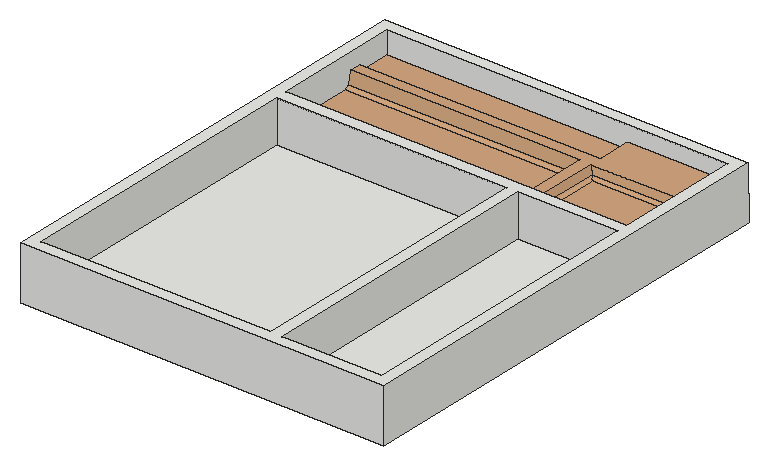
Revit family "Accessories-Teknion-CADA_Drawer_Accessory_Tray-R2021", category Furniture, Revit 2021
Family settings
  OmniClass Number = 23.40.20.00
  OmniClass Title = General Furniture and Specialties
  Work Plane-Based = No
  Always vertical = Yes
  Cut with Voids When Loaded = No
  Shared = Yes
  Room Calculation Point = No
Parameters (values of type "Cork Divider Insert")
  Warranty = "http://www.teknion.com/ca/papers/legal-canada"
  Unit Weight URL = "http://www.teknion.com/ca/tools/assets#&asset=bee6a381-b954-425e-8283-5a2de3a804f2,f828d448-4b62-4231-9e5f-9a8991c0ed77"
  URL = "www.teknion.com"
  Tray Finish [instance] = Seamless Paint - Teknion - ZI - Very White
  To render please download texture images found here [instance] = "https://assets.teknion.com/web/5e81352c1dfdb467/revit-material-swatches/"
  Sustainability Data = "https://www.teknion.com/ca/tools/assets#&topic=216f99a5-57a0-44fc-b10a-9dee9b29ae4c&asset=444deb64-fe58-4b68-981e-f75e97781df7,b4ff2d81-9f2e-437d-9659-7cffb09c31cf"
  Series = ""
  Product Page URL = "https://www.teknion.com/ca/products/product-details?productLineId=2302c16f-8e7a-673b-a6c8-ff05004460c4"
  Product Line = "Chronicle "  # constant formula
  Product Documentation Link = "https://www.teknion.com/pricing/chronicle/pdfs/Accessories_Electrical_ppg.pdf"
  Part Number = "CADA"  # constant formula
  Model = "CADAC"
  Manufacturer Phone = "416-661-3370"  # constant formula
  Manufacturer Fax = "416.661.4586"  # constant formula
  Manufacturer Contact Information = "http://www.teknion.com/ca/contactus"
  Manufacturer Address = "1150 Flint Road, Toronto, ON. M3J 2J5. Canada"  # constant formula
  Manufacturer = "Teknion"  # constant formula
  How To Use Teknion Materials User Guide [instance] = "https://assets.teknion.com/m/205dd0a49fa58060/original/How-to-add-a-Material-Library-and-Texture-Images-to-your-Revit-project.pdf"
  For Additional Finishes please visit [instance] = "https://assets.teknion.com/m/44a8009b046e5d47/original/Teknion_Materials_Library.zip"
  Description = "Drawer Accessory Tray, Cork Divider Insert"
  Default Elevation = 0.000"
  Cork = yes
  Assembly Code = "E2020200"
Types (3): name | Tray Finish | Model | Description | Cork
  (no name) | Seamless Paint - Teknion - ZI - Very White | "CADAC" | "Drawer Accessory Tray, Cork Divider Insert" | yes
  Standard, No Cork Insert | Seamless Paint - Teknion - 25 - Crisp Grey | "CADAS" | "Drawer Accessory Tray, Standard, No Cork Insert" | no
  Cork Divider Insert | Seamless Paint - Teknion - ZI - Very White | "CADAC" | "Drawer Accessory Tray, Cork Divider Insert" | yes
Reference planes (in)
  plane 1 "Center Front/Back": y = -150
  plane 2: z = 0
  plane 3 "Center Left/Right": x = 150
  plane 4 "Left": x = 144.05906
  plane 5 "Right": x = 155.94094
  plane 6 "Back": y = -142.55906
  plane 7 "Front": y = -157.44094
  plane 8 "Top": z = 1.75
Forms (in)
  Sweep 1, solid, material "Seamless Paint - Teknion - ZI - Very White" <- "Tray Finish"
    path origin (0, -150, 0) x (1, 0, 0) y (0, 0, 1)
      loop
        line (150, 0) -> (150, 1.75)
    profile origin (150, -150, 0.875) x (-1, 0, 0) y (0, -1, 0)
      loop
        line (5.94094, -7.44094) -> (5.94094, 7.44094) -> (-5.94094, 7.44094) -> (-5.94094, -7.44094) -> (5.94094, -7.44094)
  Sweep 2, void
    path origin (0, -150, 0) x (1, 0, 0) y (0, 0, 1)
      loop
        line (150, 0.375) -> (150, 1.75)
    profile origin (150, -150, 1.0625) x (-1, 0, 0) y (0, -1, 0)
      loop
        line (5.56594, 7.06594) -> (-1.93799, 7.06594) -> (-1.93799, -2.56428) -> (5.56594, -2.56428) -> (5.56594, 7.06594)
      loop
        line (-2.31299, 7.06594) -> (-5.56594, 7.06594) -> (-5.56594, -2.56428) -> (-2.31299, -2.56428) -> (-2.31299, 7.06594)
      loop
        line (5.56594, -2.93928) -> (-5.56594, -2.93928) -> (-5.56594, -7.06594) -> (5.56594, -7.06594) -> (5.56594, -2.93928)
  Sweep 3, solid, material "Wood - Teknion - Cork", visible <- "Cork"
    path origin (0, 0, 0) x (1, 0, 0) y (0, 1, 0)
      loop
        line (144.46406, -142.96406) -> (155.53594, -142.96406)
    profile origin (150, -142.96406, 0) x (0, 1, 0) y (0, 0, 1)
      loop
        line (0, 1.25) -> (-4.06667, 1.25) -> (-4.06667, 0.375) -> (0, 0.375) -> (0, 1.25)
  Sweep 4, void
    path origin (0, 0, 0) x (1, 0, 0) y (0, 1, 0)
      loop
        line (151.72254, -147.03072) -> (151.72254, -144.65859) -> (144.46406, -144.65859)
    profile origin (151.72254, -145.84465, 0) x (-1, 0, 0) y (0, 0, 1)
      loop
        arc (-0.12129, 0.87232) -> (-0.07696, 0.80406) -> (0, 0.77756) r 0.125
        line (0, 0.77756) -> (0, 1.25) -> (-0.21545, 1.25) -> (-0.12129, 0.87232)
  Sweep 5, void
    path origin (0, -150, 0) x (1, 0, 0) y (0, 0, 1)
      loop
        line (150, 0.77756) -> (150, 1.25)
    profile origin (150, -150, 1.01378) x (-1, 0, 0) y (0, -1, 0)
      loop
        line (-1.72254, -5.34141) -> (5.53602, -5.34141) -> (5.53602, -2.96919) -> (-1.72254, -2.96919) -> (-1.72254, -5.34141)
  Sweep 6, void
    path origin (0, 0, 0) x (1, 0, 0) y (0, 1, 0)
      loop
        line (155.53594, -144.64074) -> (152.5118, -144.64194) -> (152.5106, -147.03072)
    profile origin (152.5112, -145.83633, 0) x (1, -0.0005, 0) y (0, 0, 1)
      loop
        line (-0.19821, 1.25) -> (-0.11872, 1.01916)
        arc (-0.11872, 1.01916) -> (-0.0729, 0.95799) -> (0, 0.93504) r 0.12473
        line (0, 0.93504) -> (0, 1.25) -> (-0.19821, 1.25)
  Sweep 7, void
    path origin (0, -150, 0) x (1, 0, 0) y (0, 0, 1)
      loop
        line (153.15244, 0.93504) -> (153.15244, 1.25)
    profile origin (153.15244, -150, 1.09252) x (-1, 0, 0) y (0, -1, 0)
      loop
        line (0.64064, -5.35806) -> (0.64183, -2.96928) -> (-2.38351, -2.96928) -> (-2.38351, -5.35926) -> (0.64064, -5.35806)
  Sweep 8, void
    path origin (0, 0, 0) x (1, 0, 0) y (0, 1, 0)
      loop
        line (144.46406, -143.88231) -> (152.12717, -143.88231) -> (152.12717, -142.96406)
    profile origin (148.29561, -143.88231, 0) x (0, 1, 0) y (0, 0, 1)
      loop
        line (-0.18582, 1.25) -> (-0.10825, 1.11565)
        arc (-0.10825, 1.11565) -> (-0.05628, 1.06629) -> (0.01418, 1.05315) r 0.12634
        line (0.01418, 1.05315) -> (0.01418, 1.25) -> (-0.18582, 1.25)
  Sweep 9, void
    path origin (0, 0, 0) x (1, 0, 0) y (0, 1, 0)
      loop
        line (152.11299, -143.86813) -> (144.36299, -143.86813)
    profile origin (148.23799, -143.86813, 0) x (0, -1, 0) y (0, 0, 1)
      loop
        line (0, 1.25) -> (-0.90408, 1.25) -> (-0.90408, 1.05315) -> (0, 1.05315) -> (0, 1.25)
Cuts and joins
  Sweep 2 cuts Sweep 1
  Sweep 4, Sweep 5, Sweep 6, Sweep 7, Sweep 8, Sweep 9 cuts Sweep 3
Lines and regions (in)
  Masking region 1
    outline origin (0, 0, 0) x (1, 0, 0) y (0, 1, 0)
      loop
        line (144.05906, -142.55906) -> (144.05906, -157.44094) -> (155.94094, -157.44094) -> (155.94094, -142.55906) -> (144.05906, -142.55906)
  symbolic lines
    curve 1: line (155.56594, -142.93406, 0) -> (144.43406, -142.93406, 0)
    curve 2: line (155.56594, -147.06072, 0) -> (155.56594, -142.93406, 0)
    curve 3: line (144.43406, -147.06072, 0) -> (155.56594, -147.06072, 0)
    curve 4: line (144.43406, -142.93406, 0) -> (144.43406, -147.06072, 0)
    curve 5: line (151.93799, -147.43572, 0) -> (151.93799, -157.06594, 0)
    curve 6: line (151.93799, -157.06594, 0) -> (144.43406, -157.06594, 0)
    curve 7: line (144.43406, -157.06594, 0) -> (144.43406, -147.43572, 0)
    curve 8: line (144.43406, -147.43572, 0) -> (151.93799, -147.43572, 0)
    curve 9: line (152.31299, -157.06594, 0) -> (152.31299, -147.43572, 0)
    curve 10: line (152.31299, -147.43572, 0) -> (155.56594, -147.43572, 0)
    curve 11: line (155.56594, -147.43572, 0) -> (155.56594, -157.06594, 0)
    curve 12: line (155.56594, -157.06594, 0) -> (152.31299, -157.06594, 0)
  symbolic lines, visible <- "Cork"
    curve 13: line (155.53594, -142.96406, 0) -> (144.46406, -142.96406, 0)
    curve 14: line (144.46406, -147.03072, 0) -> (144.46406, -142.96406, 0)
    curve 15: line (144.46406, -147.03072, 0) -> (155.53594, -147.03072, 0)
    curve 16: line (155.53594, -147.03072, 0) -> (155.53594, -142.96406, 0)
    curve 17: line (152.11299, -143.86813, 0) -> (144.46406, -143.86813, 0)
    curve 18: line (152.11299, -142.96406, 0) -> (152.11299, -143.86813, 0)
    curve 19: line (152.31299, -142.96406, 0) -> (152.31299, -144.06813, 0)
    curve 20: line (152.31299, -144.06813, 0) -> (144.46406, -144.06813, 0)
    curve 21: line (152.11299, -143.86813, 0) -> (152.31299, -144.06813, 0)
    curve 22: line (144.46406, -144.44313, 0) -> (151.93799, -144.44313, 0)
    curve 23: line (151.93799, -144.44313, 0) -> (151.93799, -147.03072, 0)
    curve 24: line (152.31239, -147.03072, 0) -> (152.31369, -144.44381, 0)
    curve 25: line (152.50903, -147.03072, 0) -> (152.51022, -144.64036, 0)
    curve 26: line (152.51022, -144.64036, 0) -> (155.53594, -144.63917, 0)
    curve 27: line (152.31369, -144.44381, 0) -> (155.53594, -144.44253, 0)
    curve 28: line (152.31369, -144.44381, 0) -> (152.51022, -144.64036, 0)
    curve 29: line (151.72262, -144.6585, 0) -> (151.93799, -144.44313, 0)
    curve 30: line (151.72262, -144.6585, 0) -> (151.72262, -147.03072, 0)
    curve 31: line (151.72262, -144.6585, 0) -> (144.46406, -144.6585, 0)
  reference lines
    curve 32: line (144.05906, -142.55906, 0) -> (155.94094, -142.55906, 0)
    curve 33: line (155.94094, -142.55906, 0) -> (155.94094, -157.44094, 0)
    curve 34: line (144.05906, -157.44094, 0) -> (155.94094, -157.44094, 0)
    curve 35: line (144.05906, -142.55906, 0) -> (144.05906, -157.44094, 0)
Dimensions and locks (in)
  plane 4 "Left" to plane 5 "Right" = 11.88189"
  plane 6 "Back" to plane 7 "Front" = 14.88189"
  plane 8 "Top" to level = 1.750"
  equal spacing: plane 6 "Back", plane 1 "Center Front/Back", plane 7 "Front"
  equal spacing: plane 4 "Left", plane 3 "Center Left/Right", plane 5 "Right"
  Sweep 2 sketch curve to Sweep 2 sketch curve to Sweep 2 sketch curve to Sweep 2 sketch curve = 4.12667" locked, 0.375" locked, 9.63022"
  Sweep 2 sketch curve to Sweep 2 sketch curve to Sweep 2 sketch curve to Sweep 2 sketch curve = 7.50394", 0.375" locked, 3.25295" locked
  locked: Sweep 3 sketch curve to Sweep 3 sketch curve at 4.06667
  locked: Sweep 3 sketch curve to Sweep 3 sketch curve at 0.875
  aligned and locked: level to plane 2
  aligned and locked: Sweep 2 sketch curve to Sweep 2 sketch curve  (x4)
  aligned and locked: Masking region 1 sketch curve to plane 5 "Right"
  aligned and locked: Masking region 1 sketch curve to plane 7 "Front"
  aligned and locked: Masking region 1 sketch curve to plane 6 "Back"
  aligned and locked: Masking region 1 sketch curve to plane 4 "Left"
  aligned and locked: curve 1 to cut or joined group of Sweep 1, Sweep 2
  aligned and locked: curve 2 to cut or joined group of Sweep 1, Sweep 2
  aligned and locked: curve 3 to cut or joined group of Sweep 1, Sweep 2
  aligned and locked: curve 4 to cut or joined group of Sweep 1, Sweep 2
  aligned and locked: curve 5 to cut or joined group of Sweep 1, Sweep 2
  aligned and locked: curve 6 to cut or joined group of Sweep 1, Sweep 2
  aligned and locked: curve 7 to cut or joined group of Sweep 1, Sweep 2
  aligned and locked: curve 8 to cut or joined group of Sweep 1, Sweep 2
  aligned and locked: curve 9 to cut or joined group of Sweep 1, Sweep 2
  aligned and locked: curve 10 to cut or joined group of Sweep 1, Sweep 2
  aligned and locked: curve 11 to cut or joined group of Sweep 1, Sweep 2
  aligned and locked: curve 12 to cut or joined group of Sweep 1, Sweep 2
  aligned and locked: curve 13 to cut or joined group of Sweep 3, Sweep 4, Sweep 5, Sweep 6, Sweep 7, Sweep 8, Sweep 9
  aligned and locked: curve 14 to cut or joined group of Sweep 3, Sweep 4, Sweep 5, Sweep 6, Sweep 7, Sweep 8, Sweep 9
  aligned and locked: curve 15 to cut or joined group of Sweep 3, Sweep 4, Sweep 5, Sweep 6, Sweep 7, Sweep 8, Sweep 9
  aligned and locked: curve 16 to cut or joined group of Sweep 3, Sweep 4, Sweep 5, Sweep 6, Sweep 7, Sweep 8, Sweep 9
  aligned and locked: curve 17 to cut or joined group of Sweep 3, Sweep 4, Sweep 5, Sweep 6, Sweep 7, Sweep 8, Sweep 9
  aligned and locked: curve 18 to cut or joined group of Sweep 3, Sweep 4, Sweep 5, Sweep 6, Sweep 7, Sweep 8, Sweep 9
  aligned and locked: curve 19 to cut or joined group of Sweep 3, Sweep 4, Sweep 5, Sweep 6, Sweep 7, Sweep 8, Sweep 9
  aligned and locked: curve 20 to cut or joined group of Sweep 3, Sweep 4, Sweep 5, Sweep 6, Sweep 7, Sweep 8, Sweep 9
  aligned and locked: curve 22 to cut or joined group of Sweep 3, Sweep 4, Sweep 5, Sweep 6, Sweep 7, Sweep 8, Sweep 9
  aligned and locked: curve 23 to cut or joined group of Sweep 3, Sweep 4, Sweep 5, Sweep 6, Sweep 7, Sweep 8, Sweep 9
  aligned and locked: curve 24 to cut or joined group of Sweep 3, Sweep 4, Sweep 5, Sweep 6, Sweep 7, Sweep 8, Sweep 9
  aligned and locked: curve 25 to cut or joined group of Sweep 3, Sweep 4, Sweep 5, Sweep 6, Sweep 7, Sweep 8, Sweep 9
  aligned and locked: curve 26 to cut or joined group of Sweep 3, Sweep 4, Sweep 5, Sweep 6, Sweep 7, Sweep 8, Sweep 9
  aligned and locked: curve 27 to cut or joined group of Sweep 3, Sweep 4, Sweep 5, Sweep 6, Sweep 7, Sweep 8, Sweep 9
  aligned and locked: plane 3 "Center Left/Right" to nested 1
  aligned and locked: plane 1 "Center Front/Back" to nested 1
  aligned and locked: curve 32 to plane 6 "Back"
  aligned and locked: curve 33 to plane 5 "Right"
  aligned and locked: curve 34 to plane 7 "Front"
  aligned and locked: curve 35 to plane 4 "Left"
Automatic sketch dimensions
  profile plane to Sweep 1 sketch curve = 5.94094"
  Sweep 1 sketch curve to profile plane = 5.94094"
  Sweep 1 sketch curve to profile plane = 7.44094"
  profile plane to Sweep 1 sketch curve = 7.44094"
  Sweep 2 sketch curve to profile plane = 2.56428"
  profile plane to Sweep 2 sketch curve = 5.56594"
  Sweep 1 sketch curve to plane 3 "Center Left/Right" = 0.000"
  Sweep 1 sketch curve to level = 0.000"
  level to Sweep 1 sketch curve = 1.750"
  Sweep 2 sketch curve to plane 3 "Center Left/Right" = 0.000"
  level to Sweep 2 sketch curve = 0.375"
  Sweep 2 sketch curve to Sweep 2 sketch curve = 1.375"
  profile plane to Sweep 3 sketch curve = 1.250"
  profile plane to Sweep 3 sketch curve = 4.06667"
  Sweep 4 sketch curve to profile plane = 0.000"  (x2)
  profile plane to Sweep 4 sketch curve = 0.12129"
  profile plane to Sweep 4 sketch curve = 0.21545"
  profile plane to Sweep 4 sketch curve = 0.77756"
  Sweep 4 sketch curve to Sweep 4 sketch curve = 0.09476"
  profile plane to Sweep 5 sketch curve = 1.72254"
  Sweep 5 sketch curve to profile plane = 2.96919"
  Sweep 5 sketch curve to profile plane = 5.53602"
  Sweep 5 sketch curve to Sweep 5 sketch curve = 2.37223"
  profile plane to Sweep 6 sketch curve = 0.000"
  profile plane to Sweep 6 sketch curve = 0.00079"
  profile plane to Sweep 6 sketch curve = 0.11872"
  Sweep 6 sketch curve to Sweep 6 sketch curve = 0.19821"
  profile plane to Sweep 6 sketch curve = 0.93504"
  Sweep 6 sketch curve to Sweep 6 sketch curve = 0.08412"
  profile plane to Sweep 7 sketch curve = 2.38351"
  Sweep 7 sketch curve to profile plane = 0.64064"
  Sweep 7 sketch curve to profile plane = 0.64183"
  Sweep 7 sketch curve to profile plane = 5.35926"
  Sweep 7 sketch curve to Sweep 7 sketch curve = 0.00119"
  Sweep 7 sketch curve to Sweep 7 sketch curve = 2.38998"
  profile plane to Sweep 8 sketch curve = 0.18582"
  profile plane to Sweep 8 sketch curve = 0.10825"
  Sweep 8 sketch curve to profile plane = 0.00116"
  Sweep 8 sketch curve to profile plane = 0.01418"
  profile plane to Sweep 8 sketch curve = 1.05315"
  Sweep 8 sketch curve to Sweep 8 sketch curve = 0.0625"
  Sweep 9 sketch curve to profile plane = 0.000"
  profile plane to Sweep 9 sketch curve = 0.90408"
  profile plane to Sweep 9 sketch curve = 1.05315"
  Sweep 9 sketch curve to Sweep 9 sketch curve = 0.19685"
  Sweep 8 sketch curve to plane 6 "Back" = 1.32326"
  plane 5 "Right" to Sweep 8 sketch curve = 3.81377"
  plane 5 "Right" to Sweep 8 sketch curve = 11.47689"
  Sweep 8 sketch curve to plane 6 "Back" = 0.405"
  plane 5 "Right" to Sweep 9 sketch curve = 11.57795"
  Sweep 9 sketch curve to plane 6 "Back" = 1.30908"
  Sweep 9 sketch curve to Sweep 9 sketch curve = 7.750"
  Sweep 4 sketch curve to plane 6 "Back" = 2.09953"
  plane 5 "Right" to Sweep 4 sketch curve = 4.21841"
  plane 5 "Right" to Sweep 4 sketch curve = 11.47689"
  Sweep 4 sketch curve to Sweep 4 sketch curve = 2.37214"
  level to Sweep 5 sketch curve = 1.250"
  plane 5 "Right" to Sweep 5 sketch curve = 5.94094"
  Sweep 5 sketch curve to Sweep 5 sketch curve = 0.47244"
  Sweep 6 sketch curve to plane 6 "Back" = 2.08288"
  plane 5 "Right" to Sweep 6 sketch curve = 3.42915"
  Sweep 6 sketch curve to plane 1 "Center Front/Back" = 2.96928"
  Sweep 6 sketch curve to Sweep 6 sketch curve = 0.00119"
  Sweep 6 sketch curve to plane 6 "Back" = 2.08169"
  Sweep 6 sketch curve to Sweep 6 sketch curve = 3.02415"
  level to Sweep 7 sketch curve = 1.250"
  plane 5 "Right" to Sweep 7 sketch curve = 2.78851"
  Sweep 7 sketch curve to Sweep 7 sketch curve = 0.31496"
  curve 30 to curve 22 = 0.21537"
  curve 24 to curve 25 = 0.19663"
  curve 26 to curve 27 = 0.000"
  curve 31 to curve 22 = 0.21536"
Nested families (in)
  nested 1: "Teknion_2D_Node_Family-R2016" at (150, -150, 0), type "Teknion_2D_Node_Family-R2016"
Definition of nested family "Teknion_2D_Node_Family-R2016"
  Reference planes (in)
    plane 1 "Center (Front/Back)": y = 0
    plane 2: z = 0
    plane 3 "Center (Left/Right)": x = 0
  Lines and regions (in)
    detail lines, in view "Ref. Level"
      curve 1: circle (0, 0, 0) r 1.25 normal (0, 0, 1)
      curve 2: line (1.91508, -1.91508, 0) -> (-1.91508, 1.91508, 0)
      curve 3: line (-1.91508, -1.91508, 0) -> (1.91508, 1.91508, 0)
